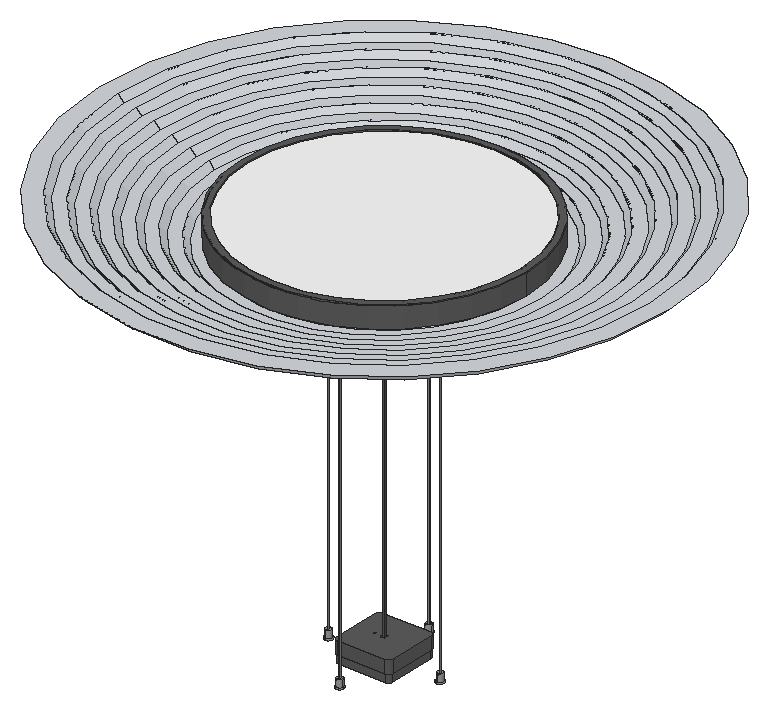
Revit family "PIRA ROUND L", category Lighting Fixtures, host Face, Revit 2021
Family settings
  Host = Face
  Round Connector Dimension = Use Diameter
  Part Type = Normal
  Cut with Voids When Loaded = No
  Light Source = No
  Shared = No
  Room Calculation Point = No
Parameters
  Wire Suspension = Aluminum
  Wattage Comments = "34W"
  PET Colour = none
  Model = "Pira Round L"  # constant formula
  Manufacturer = "Flexxica"  # constant formula
  Luminaire Colour = Flexxica Line - Black Alu
  Lamp = "LED"
  Hs = H + 54 mm  # 754 mm
  H = 700 mm
  Diffuser = Circly - Diffuser
  Default Elevation = 1219.2 mm
  Cable Colour = Flexxica Line - Cable Black
  Apparent Load = 34 VA
Reference planes
  plane 1 "Center (Front/Back)": y = 0
  plane 2: z = 0
  plane 3 "Center (Left/Right)": x = 0
  plane 4 "Shade": z = 700
  plane 5 "lum": z = 754
  plane 6: y = 117
  plane 7: y = -117
Forms (mm)
  Extrusion 1, solid, material "Flexxica Line - Cable Black" <- "Cable Colour"
    sketch origin (0, 0, 0) x (1, 0, 0) y (0, 1, 0)
      loop
        circle (0, 0) r 2
    from 0 to 754
Dimensions and locks
  "H": plane 4 "Shade" to level
  locked: plane 5 "lum" to plane 4 "Shade" at 54
  aligned and locked: plane 2 to host face
  aligned and locked: level to host face
  aligned and locked: plane 5 "lum" to Extrusion 1
Automatic sketch dimensions
  host sketch curve to host sketch curve = 2438.4 mm  (x2)
  plane 1 "Center (Front/Back)" to Extrusion 1 sketch curve = 0 mm
  Extrusion 1 sketch curve to plane 3 "Center (Left/Right)" = 0 mm
  radius of Extrusion 1 sketch curve = 2 mm
Nested families
  nested 1: "Pira_Round_L_shade" at (0, 0, 700), type "Pira_Round_L_shade"
  nested 2: "Wire Suspension" at (0, 117, 0), type "Wire Suspension"
    with WH 754 mm
  nested 3: "Wire Suspension" at (0, -117, 0), type "Wire Suspension"
    with WH 754 mm
  nested 4: "Wire Suspension" at (117, 0, 0) x (0, -1, 0) z (0, 0, 1), type "Wire Suspension"
    with WH 754 mm
  nested 5: "Wire Suspension" at (-117, 0, 0) x (0, -1, 0) z (0, 0, 1), type "Wire Suspension"
    with WH 754 mm
  nested 6: "CIRCLY 600 NT" at (0, 0, 754), type "CIRCLY 600 D BL 4000K"
  nested 7: "ST-CAN" at (0, 0, 0), type "ST-CAN"
Connectors
  electrical at (0, 0, 0), driven by "Apparent Load"
    settings: on nested 7, index 1, voltage 230 V, apparent load 0 VA, apparent load phase1 34 VA, apparent load phase2 0 VA, apparent load phase3 0 VA, power factor 1, load classification "Lighting", number of poles 1, system type 31, power factor state 1, is connector primary yes, connector utility no, sub classification motor no, connector description ""
Definition of nested family "Pira_Round_L_shade"
  Parameters (values of type "Pira_Round_L_shade")
    PET = none
    Default Elevation = 1219.2 mm
  Reference planes
    plane 1 "Center (Front/Back)": y = 0
    plane 2: z = 0
    plane 3 "Center (Left/Right)": x = 0
    plane 4 "L14": z = 156
    plane 5 "L13": z = 144
    plane 6 "L12": z = 132
    plane 7 "L2": z = 12
    plane 8 "L3": z = 24
    plane 9 "L4": z = 36
    plane 10 "L5": z = 48
    plane 11 "L6": z = 60
    plane 12 "L7": z = 72
    plane 13 "L8": z = 84
    plane 14 "L9": z = 96
    plane 15 "L10": z = 108
    plane 16 "L11": z = 120
  Forms (mm)
    Extrusion 1, solid
      sketch origin (0, 0, 0) x (1, 0, 0) y (0, 1, 0)
        loop
          line (-1219.2, 1219.2) -> (-1219.2, -1219.2) -> (1219.2, -1219.2) -> (1219.2, 1219.2) -> (-1219.2, 1219.2)
      from 0 to -304.8
    Sweep 2, solid, material <- "PET"
      path origin (0, 0, 156) x (-1, 0, 0) y (0, -1, 0)
        loop
          circle (0, 0) r 597.5
      profile "Pira_profil PET : Pira_profil PET" origin (0, 597.5, 156) x (0, -1, 0) y (0, 0, 1)
        loop
          line (12, 0) -> (50, 0) -> (38, 12) -> (0, 12) -> (12, 0)
    Sweep 3, solid, material <- "PET"
      path origin (0, 0, 144) x (-1, 0, 0) y (0, -1, 0)
        loop
          circle (0, 0) r 559.5
      profile "Pira_profil PET : Pira_profil PET" origin (0, 559.5, 144) x (0, -1, 0) y (0, 0, 1)
        loop
          line (12, 0) -> (50, 0) -> (38, 12) -> (0, 12) -> (12, 0)
    Sweep 4, solid, material <- "PET"
      path origin (0, 0, 132) x (-1, 0, 0) y (0, -1, 0)
        loop
          circle (0, 0) r 521.5
      profile "Pira_profil PET : Pira_profil PET" origin (0, 521.5, 132) x (0, -1, 0) y (0, 0, 1)
        loop
          line (12, 0) -> (50, 0) -> (38, 12) -> (0, 12) -> (12, 0)
    Sweep 5, solid, material <- "PET"
      path origin (0, 0, 120) x (-1, 0, 0) y (0, -1, 0)
        loop
          circle (0, 0) r 483.5
      profile "Pira_profil PET : Pira_profil PET" origin (0, 483.5, 120) x (0, -1, 0) y (0, 0, 1)
        loop
          line (12, 0) -> (50, 0) -> (38, 12) -> (0, 12) -> (12, 0)
    Sweep 6, solid, material <- "PET"
      path origin (0, 0, 108) x (-1, 0, 0) y (0, -1, 0)
        loop
          circle (0, 0) r 445.5
      profile "Pira_profil PET : Pira_profil PET" origin (0, 445.5, 108) x (0, -1, 0) y (0, 0, 1)
        loop
          line (12, 0) -> (50, 0) -> (38, 12) -> (0, 12) -> (12, 0)
    Sweep 7, solid, material <- "PET"
      path origin (0, 0, 96) x (-1, 0, 0) y (0, -1, 0)
        loop
          circle (0, 0) r 407.5
      profile "Pira_profil PET : Pira_profil PET" origin (0, 407.5, 96) x (0, -1, 0) y (0, 0, 1)
        loop
          line (12, 0) -> (50, 0) -> (38, 12) -> (0, 12) -> (12, 0)
    Sweep 8, solid, material <- "PET"
      path origin (0, 0, 84) x (-1, 0, 0) y (0, -1, 0)
        loop
          circle (0, 0) r 369.5
      profile "Pira_profil PET : Pira_profil PET" origin (0, 369.5, 84) x (0, -1, 0) y (0, 0, 1)
        loop
          line (12, 0) -> (50, 0) -> (38, 12) -> (0, 12) -> (12, 0)
    Sweep 9, solid, material <- "PET"
      path origin (0, 0, 72) x (-1, 0, 0) y (0, -1, 0)
        loop
          circle (0, 0) r 331.5
      profile "Pira_profil PET : Pira_profil PET" origin (0, 331.5, 72) x (0, -1, 0) y (0, 0, 1)
        loop
          line (12, 0) -> (50, 0) -> (38, 12) -> (0, 12) -> (12, 0)
    Sweep 10, solid, material <- "PET"
      path origin (0, 0, 60) x (-1, 0, 0) y (0, -1, 0)
        loop
          circle (0, 0) r 293.5
      profile "Pira_profil PET : Pira_profil PET" origin (0, 293.5, 60) x (0, -1, 0) y (0, 0, 1)
        loop
          line (12, 0) -> (50, 0) -> (38, 12) -> (0, 12) -> (12, 0)
    Sweep 11, solid, material <- "PET"
      path origin (0, 0, 48) x (-1, 0, 0) y (0, -1, 0)
        loop
          circle (0, 0) r 255.5
      profile "Pira_profil PET : Pira_profil PET" origin (0, 255.5, 48) x (0, -1, 0) y (0, 0, 1)
        loop
          line (12, 0) -> (50, 0) -> (38, 12) -> (0, 12) -> (12, 0)
    Sweep 12, solid, material <- "PET"
      path origin (0, 0, 36) x (-1, 0, 0) y (0, -1, 0)
        loop
          circle (0, 0) r 217.5
      profile "Pira_profil PET : Pira_profil PET" origin (0, 217.5, 36) x (0, -1, 0) y (0, 0, 1)
        loop
          line (12, 0) -> (50, 0) -> (38, 12) -> (0, 12) -> (12, 0)
    Sweep 13, solid, material <- "PET"
      path origin (0, 0, 24) x (-1, 0, 0) y (0, -1, 0)
        loop
          circle (0, 0) r 179.5
      profile "Pira_profil PET : Pira_profil PET" origin (0, 179.5, 24) x (0, -1, 0) y (0, 0, 1)
        loop
          line (12, 0) -> (50, 0) -> (38, 12) -> (0, 12) -> (12, 0)
    Sweep 14, solid, material <- "PET"
      path origin (0, 0, 12) x (-1, 0, 0) y (0, -1, 0)
        loop
          circle (0, 0) r 141.5
      profile "Pira_profil PET : Pira_profil PET" origin (0, 141.5, 12) x (0, -1, 0) y (0, 0, 1)
        loop
          line (12, 0) -> (50, 0) -> (38, 12) -> (0, 12) -> (12, 0)
    Revolve 15, solid, material <- "PET"
      sketch origin (0, 0, 0) x (1, 0, 0) y (0, 0, 1)
        loop
          line (-103.5, 12) -> (-91.5, 0) -> (0, 0) -> (0, 12) -> (-103.5, 12)
        axis (0, 0) -> (0, 12)
      angle from 0 to 360
    Extrusion 16, void
      sketch origin (0, 0, 0) x (1, 0, 0) y (0, 1, 0)
        loop
          circle (0, 0) r 5
      from 0 to 250
  Cuts and joins
    Extrusion 16 cuts Revolve 15
  Dimensions and locks
    plane 4 "L14" to plane 5 "L13" to plane 6 "L12" = 12 mm locked, 12 mm locked
    plane 6 "L12" to plane 16 "L11" to plane 15 "L10" to plane 14 "L9" to plane 13 "L8" to plane 12 "L7" to plane 11 "L6" to plane 10 "L5" to plane 9 "L4" to plane 8 "L3" to plane 7 "L2" to Extrusion 1 = 12 mm locked, 12 mm locked, 12 mm locked, 12 mm locked, 12 mm locked, 12 mm locked, 12 mm locked, 12 mm locked, 12 mm locked, 12 mm locked, 12 mm
    aligned and locked: plane 2 to Extrusion 1
    aligned and locked: level to Extrusion 1
Definition of nested family "Wire Suspension"
  Parameters (values of type "Wire Suspension")
    WH = 600 mm
    Wire Suspension = none
    Default Elevation = 1219.2 mm
  Reference planes
    plane 1 "Center (Front/Back)": y = 0
    plane 2: z = 0
    plane 3 "Center (Left/Right)": x = 0
    plane 4: z = 17
    plane 5: z = 570
    plane 6: z = 600
    plane 7: z = 564
  Forms (mm)
    Extrusion 1, solid
      sketch origin (0, 0, 0) x (1, 0, 0) y (0, 1, 0)
        loop
          line (-1219.2, 1219.2) -> (-1219.2, -1219.2) -> (1219.2, -1219.2) -> (1219.2, 1219.2) -> (-1219.2, 1219.2)
      from 0 to -304.8
    Extrusion 2, solid, material <- "Wire Suspension"
      sketch origin (0, 0, 0) x (1, 0, 0) y (0, 1, 0)
        loop
          circle (0, 0) r 8
      from 0 to 2
    Extrusion 3, solid, material <- "Wire Suspension"
      sketch origin (0, 0, 0) x (1, 0, 0) y (0, 1, 0)
        loop
          circle (0, 0) r 6
      from 2 to 17
    Extrusion 4, solid, material <- "Wire Suspension"
      sketch origin (0, 0, 0) x (1, 0, 0) y (0, 1, 0)
        loop
          circle (0, 0) r 4.5
      from 570 to 600
    Extrusion 5, solid, material <- "Wire Suspension"
      sketch origin (0, 0, 0) x (1, 0, 0) y (0, 1, 0)
        loop
          circle (0, 0) r 2
      from 564 to 570
    Extrusion 6, solid, material <- "Wire Suspension"
      sketch origin (0, 0, 0) x (1, 0, 0) y (0, 1, 0)
        loop
          circle (0, 0) r 0.976
      from 17 to 564
  Dimensions and locks
    locked: plane 5 to plane 7 at 6
    locked: plane 6 to plane 5 at 30
    locked: plane 4 to level at 17
    "WH": plane 6 to level
    aligned and locked: plane 2 to Extrusion 1
    aligned and locked: level to Extrusion 1
    aligned and locked: Extrusion 4 to plane 6
    aligned and locked: plane 5 to Extrusion 4
    aligned and locked: plane 7 to Extrusion 5
    aligned and locked: Extrusion 5 to Extrusion 4
    aligned and locked: Extrusion 6 to Extrusion 5
    aligned and locked: Extrusion 6 to Extrusion 3
  Automatic sketch dimensions
    Extrusion 1 sketch curve to Extrusion 1 sketch curve = 2438.4 mm  (x2)
    plane 1 "Center (Front/Back)" to Extrusion 2 sketch curve = 0 mm
    Extrusion 2 sketch curve to plane 3 "Center (Left/Right)" = 0 mm
    plane 1 "Center (Front/Back)" to Extrusion 3 sketch curve = 0 mm
    Extrusion 3 sketch curve to plane 3 "Center (Left/Right)" = 0 mm
    plane 1 "Center (Front/Back)" to Extrusion 4 sketch curve = 0 mm
    Extrusion 4 sketch curve to plane 3 "Center (Left/Right)" = 0 mm
    plane 1 "Center (Front/Back)" to Extrusion 5 sketch curve = 0 mm
    Extrusion 5 sketch curve to plane 3 "Center (Left/Right)" = 0 mm
    plane 1 "Center (Front/Back)" to Extrusion 6 sketch curve = 0 mm
    Extrusion 6 sketch curve to plane 3 "Center (Left/Right)" = 0 mm
    radius of Extrusion 2 sketch curve = 8 mm
    radius of Extrusion 3 sketch curve = 6 mm
    radius of Extrusion 4 sketch curve = 4.5 mm
    radius of Extrusion 5 sketch curve = 2 mm
    radius of Extrusion 6 sketch curve = 0.976 mm
Definition of nested family "CIRCLY 600 NT"
  Parameters (values of type "CIRCLY 600 D BL 4000K")
    Wattage Comments = "48W"
    Wattage = 23.5624 W
    built-in parameter 1150110 = 1 (stored number, unit not read)
    URL = "flexxica.com"
    built-in parameter 1114217 = 1 (stored number, unit not read)
    Tilt Angle = -90.00°
    built-in parameter 1150109 = 1 (stored number, unit not read)
    built-in parameter 1150134 = 12
    built-in parameter 1150113 = 1 (stored number, unit not read)
    Photometric Web File = "PL CIRCLY D 600 34W.ies"
    Model = "CIRCLY 600"  # constant formula
    Manufacturer = "FLEXXICA"  # constant formula
    built-in parameter 1150105 = 1565.7 (stored number, unit not read)
    Lumens = 3500 lm
    built-in parameter 1150115 = 1 (stored number, unit not read)
    Luminaire Colour = none
    built-in parameter 1150137 = (empty or 0)
    built-in parameter 1150139 = (empty or 0)
    built-in parameter 1150112 = 1 (stored number, unit not read)
    built-in parameter 1150114 = 1 (stored number, unit not read)
    Lamp = "LED"
    built-in parameter 1150132 = 2
    built-in parameter 1150102 = (empty or 0)
    built-in parameter 1150107 = 4000 (stored number, unit not read)
    built-in parameter 1150138 = (empty or 0)
    built-in parameter 1150106 = 15.657 (stored number, unit not read)
    INDIRECT = CIRCLY 600 INDIRECT : CIRCLY 600 INDIRECT 4000K
    Emit from Circle Diameter = 573 mm
    Emit Shape Visible in Rendering = no
    built-in parameter 1150104 = 13.8 (stored number, unit not read)
    Dimming Lamp Color Temperature Shift = (empty or 0)
    Default Elevation = 1219.2 mm
    Color Filter = 16777215
    Circly - diffusor = none
    built-in parameter 1114218 = 1 (stored number, unit not read)
    built-in parameter 1150133 = 10 (stored number, unit not read)
    Apparent Load = 48 VA
  Types (2): name
    CIRCLY 600 D BL 4000K
    CIRCLY 600 D WH 4000K
  Reference planes
    plane 1 "Center (Front/Back)": y = 0
    plane 2: z = 0
    plane 3 "Center (Left/Right)": x = 0
    plane 4: x = -300
    plane 5: x = 300
    plane 6: z = 37
    plane 7 "bot": z = 82
    plane 8: x = -137
    plane 9: x = 137
    plane 10: y = 17
    plane 11: y = -17
    plane 12: x = -17
    plane 13: x = 17
    plane 14: x = -165
    plane 15: y = 165
    plane 16: x = 165
    plane 17: y = -165
    plane 18: x = -186
    plane 19: x = -222.5
    plane 20: x = -241.5
    plane 21: x = -279
  Forms (mm)
    Extrusion 1, solid
      sketch origin (0, 0, 0) x (1, 0, 0) y (0, 1, 0)
        loop
          line (-1219.2, 1219.2) -> (-1219.2, -1219.2) -> (1219.2, -1219.2) -> (1219.2, 1219.2) -> (-1219.2, 1219.2)
      from 0 to -304.8
    Extrusion 2, solid, material <- "Luminaire Colour"
      sketch origin (0, 0, 82) x (-1, 0, 0) y (0, -1, 0)
        loop
          circle (0, 0) r 300
        loop
          circle (0, 0) r 286.5
      from 0 to -2
    Extrusion 3, solid, material <- "Luminaire Colour"
      sketch origin (0, 0, 82) x (-1, 0, 0) y (0, -1, 0)
        loop
          circle (0, 0) r 300
        loop
          circle (0, 0) r 298
      from -45 to -2
    Extrusion 4, solid, material <- "Circly - diffusor"
      sketch origin (0, 0, 82) x (-1, 0, 0) y (0, -1, 0)
        loop
          circle (0, 0) r 286.5
      from -3.5 to -1.5
    Extrusion 5, solid, material <- "Luminaire Colour"
      sketch origin (-442.193, -4572, 37) x (-1, 0, 0) y (0, -1, 0)
        loop
          circle (-442.193, -4572) r 298
      from 3 to 33
    Extrusion 6, solid, material <- "Luminaire Colour"
      sketch origin (0, 0, 0) x (1, 0, 0) y (0, 1, 0)
        loop
          circle (0, 0) r 137
        loop
          circle (0, 0) r 135
      from 0 to 40
    Extrusion 7, solid, material <- "Luminaire Colour"
      sketch origin (0, 0, 0) x (1, 0, 0) y (0, 1, 0)
        loop
          circle (0, 0) r 135
        loop
          line (2.3, 117.024) -> (2.3, 122.976)
          arc (2.3, 122.976) -> (0, 125.276) -> (-2.3, 122.976) r 2.3
          line (-2.3, 122.976) -> (-2.3, 117.024)
          arc (-2.3, 117.024) -> (0, 114.724) -> (2.3, 117.024) r 2.3
        loop
          line (117.024, -2.3) -> (122.976, -2.3)
          arc (122.976, -2.3) -> (125.276, 0) -> (122.976, 2.3) r 2.3
          line (122.976, 2.3) -> (117.024, 2.3)
          arc (117.024, 2.3) -> (114.724, 0) -> (117.024, -2.3) r 2.3
        loop
          arc (2.3, -117.024) -> (0, -114.724) -> (-2.3, -117.024) r 2.3
          line (-2.3, -117.024) -> (-2.3, -122.976)
          arc (-2.3, -122.976) -> (0, -125.276) -> (2.3, -122.976) r 2.3
          line (2.3, -122.976) -> (2.3, -117.024)
        loop
          arc (-117.024, -2.3) -> (-114.724, 0) -> (-117.024, 2.3) r 2.3
          line (-117.024, 2.3) -> (-122.976, 2.3)
          arc (-122.976, 2.3) -> (-125.276, 0) -> (-122.976, -2.3) r 2.3
          line (-122.976, -2.3) -> (-117.024, -2.3)
        loop
          circle (0, 0) r 4
      from 1.5 to 3.5
    Extrusion 8, void
      sketch origin (-442.193, -4572, 37) x (0, -1, 0) y (-1, 0, 0)
        loop
          arc (-4735.433, -419.506) -> (-4734.251, -423.477) -> (-4730.48, -425.193) r 5
          line (-4730.48, -425.193) -> (-4712.285, -425.193)
          arc (-4712.285, -425.193) -> (-4709.035, -423.993) -> (-4707.346, -420.968) r 5
          arc (-4707.346, -420.968) -> (-4668.874, -345.319) -> (-4593.225, -306.847) r 137
          arc (-4593.225, -306.847) -> (-4590.2, -305.158) -> (-4589, -301.908) r 5
          line (-4589, -301.908) -> (-4589, -283.713)
          arc (-4589, -283.713) -> (-4590.717, -279.942) -> (-4594.687, -278.76) r 5
          arc (-4594.687, -278.76) -> (-4688.673, -325.52) -> (-4735.433, -419.506) r 165
        loop
          arc (-4550.775, -306.847) -> (-4475.126, -345.319) -> (-4436.654, -420.968) r 137
          arc (-4436.654, -420.968) -> (-4434.965, -423.993) -> (-4431.715, -425.193) r 5
          line (-4431.715, -425.193) -> (-4413.52, -425.193)
          arc (-4413.52, -425.193) -> (-4409.749, -423.477) -> (-4408.567, -419.506) r 5
          arc (-4408.567, -419.506) -> (-4455.327, -325.52) -> (-4549.312, -278.76) r 165
          arc (-4549.312, -278.76) -> (-4553.283, -279.942) -> (-4555, -283.713) r 5
          line (-4555, -283.713) -> (-4555, -301.908)
          arc (-4555, -301.908) -> (-4553.8, -305.158) -> (-4550.775, -306.847) r 5
        loop
          line (-4712.285, -459.193) -> (-4730.48, -459.193)
          arc (-4730.48, -459.193) -> (-4734.251, -460.91) -> (-4735.433, -464.881) r 5
          arc (-4735.433, -464.881) -> (-4688.673, -558.866) -> (-4594.687, -605.626) r 165
          arc (-4594.687, -605.626) -> (-4590.717, -604.444) -> (-4589, -600.673) r 5
          line (-4589, -600.673) -> (-4589, -582.479)
          arc (-4589, -582.479) -> (-4590.2, -579.228) -> (-4593.225, -577.539) r 5
          arc (-4593.225, -577.539) -> (-4668.874, -539.067) -> (-4707.346, -463.418) r 137
          arc (-4707.346, -463.418) -> (-4709.035, -460.394) -> (-4712.285, -459.193) r 5
        loop
          line (-4555, -582.479) -> (-4555, -600.673)
          arc (-4555, -600.673) -> (-4553.283, -604.444) -> (-4549.312, -605.626) r 5
          arc (-4549.312, -605.626) -> (-4455.327, -558.866) -> (-4408.567, -464.881) r 165
          arc (-4408.567, -464.881) -> (-4409.749, -460.91) -> (-4413.52, -459.193) r 5
          line (-4413.52, -459.193) -> (-4431.715, -459.193)
          arc (-4431.715, -459.193) -> (-4434.965, -460.394) -> (-4436.654, -463.418) r 5
          arc (-4436.654, -463.418) -> (-4475.126, -539.067) -> (-4550.775, -577.539) r 137
          arc (-4550.775, -577.539) -> (-4553.8, -579.228) -> (-4555, -582.479) r 5
        loop
          arc (-4756.762, -463.617) -> (-4758.403, -460.46) -> (-4761.729, -459.193) r 5
          line (-4761.729, -459.193) -> (-4788.384, -459.193)
          arc (-4788.384, -459.193) -> (-4792.095, -460.841) -> (-4793.359, -464.699) r 5
          arc (-4793.359, -464.699) -> (-4729.331, -599.524) -> (-4594.506, -663.552) r 222.5
          arc (-4594.506, -663.552) -> (-4590.648, -662.288) -> (-4589, -658.578) r 5
          line (-4589, -658.578) -> (-4589, -631.922)
          arc (-4589, -631.922) -> (-4590.266, -628.596) -> (-4593.424, -626.955) r 5
          arc (-4593.424, -626.955) -> (-4703.522, -573.715) -> (-4756.762, -463.617) r 186
        loop
          arc (-4812.536, -463.747) -> (-4814.142, -460.503) -> (-4817.516, -459.193) r 5
          line (-4817.516, -459.193) -> (-4845.115, -459.193)
          arc (-4845.115, -459.193) -> (-4848.79, -460.802) -> (-4850.099, -464.595) r 5
          arc (-4850.099, -464.595) -> (-4769.283, -639.476) -> (-4594.401, -720.292) r 279
          arc (-4594.401, -720.292) -> (-4590.609, -718.983) -> (-4589, -715.308) r 5
          line (-4589, -715.308) -> (-4589, -687.709)
          arc (-4589, -687.709) -> (-4590.31, -684.335) -> (-4593.554, -682.729) r 5
          arc (-4593.554, -682.729) -> (-4742.766, -612.959) -> (-4812.536, -463.747) r 241.5
        loop
          line (-4589, -252.464) -> (-4589, -225.809)
          arc (-4589, -225.809) -> (-4590.648, -222.099) -> (-4594.506, -220.834) r 5
          arc (-4594.506, -220.834) -> (-4729.331, -284.862) -> (-4793.359, -419.687) r 222.5
          arc (-4793.359, -419.687) -> (-4792.095, -423.545) -> (-4788.384, -425.193) r 5
          line (-4788.384, -425.193) -> (-4761.729, -425.193)
          arc (-4761.729, -425.193) -> (-4758.403, -423.927) -> (-4756.762, -420.769) r 5
          arc (-4756.762, -420.769) -> (-4703.522, -310.671) -> (-4593.424, -257.431) r 186
          arc (-4593.424, -257.431) -> (-4590.266, -255.79) -> (-4589, -252.464) r 5
        loop
          line (-4589, -196.677) -> (-4589, -169.078)
          arc (-4589, -169.078) -> (-4590.609, -165.403) -> (-4594.401, -164.094) r 5
          arc (-4594.401, -164.094) -> (-4769.283, -244.91) -> (-4850.099, -419.792) r 279
          arc (-4850.099, -419.792) -> (-4848.79, -423.584) -> (-4845.115, -425.193) r 5
          line (-4845.115, -425.193) -> (-4817.516, -425.193)
          arc (-4817.516, -425.193) -> (-4814.142, -423.883) -> (-4812.536, -420.639) r 5
          arc (-4812.536, -420.639) -> (-4742.766, -271.427) -> (-4593.554, -201.657) r 241.5
          arc (-4593.554, -201.657) -> (-4590.31, -200.051) -> (-4589, -196.677) r 5
        loop
          arc (-4555, -196.677) -> (-4553.69, -200.051) -> (-4550.446, -201.657) r 5
          arc (-4550.446, -201.657) -> (-4401.234, -271.427) -> (-4331.464, -420.639) r 241.5
          arc (-4331.464, -420.639) -> (-4329.858, -423.883) -> (-4326.484, -425.193) r 5
          line (-4326.484, -425.193) -> (-4298.885, -425.193)
          arc (-4298.885, -425.193) -> (-4295.21, -423.584) -> (-4293.901, -419.792) r 5
          arc (-4293.901, -419.792) -> (-4374.717, -244.91) -> (-4549.599, -164.094) r 279
          arc (-4549.599, -164.094) -> (-4553.391, -165.403) -> (-4555, -169.078) r 5
          line (-4555, -169.078) -> (-4555, -196.677)
        loop
          arc (-4555, -252.464) -> (-4553.734, -255.79) -> (-4550.576, -257.431) r 5
          arc (-4550.576, -257.431) -> (-4440.478, -310.671) -> (-4387.238, -420.769) r 186
          arc (-4387.238, -420.769) -> (-4385.597, -423.927) -> (-4382.271, -425.193) r 5
          line (-4382.271, -425.193) -> (-4355.616, -425.193)
          arc (-4355.616, -425.193) -> (-4351.905, -423.545) -> (-4350.641, -419.687) r 5
          arc (-4350.641, -419.687) -> (-4414.669, -284.862) -> (-4549.494, -220.834) r 222.5
          arc (-4549.494, -220.834) -> (-4553.352, -222.099) -> (-4555, -225.809) r 5
          line (-4555, -225.809) -> (-4555, -252.464)
        loop
          arc (-4382.271, -459.193) -> (-4385.597, -460.46) -> (-4387.238, -463.617) r 5
          arc (-4387.238, -463.617) -> (-4440.478, -573.715) -> (-4550.576, -626.955) r 186
          arc (-4550.576, -626.955) -> (-4553.734, -628.596) -> (-4555, -631.922) r 5
          line (-4555, -631.922) -> (-4555, -658.578)
          arc (-4555, -658.578) -> (-4553.352, -662.288) -> (-4549.494, -663.552) r 5
          arc (-4549.494, -663.552) -> (-4414.669, -599.524) -> (-4350.641, -464.699) r 222.5
          arc (-4350.641, -464.699) -> (-4351.905, -460.841) -> (-4355.616, -459.193) r 5
          line (-4355.616, -459.193) -> (-4382.271, -459.193)
        loop
          arc (-4326.484, -459.193) -> (-4329.858, -460.503) -> (-4331.464, -463.747) r 5
          arc (-4331.464, -463.747) -> (-4401.234, -612.959) -> (-4550.446, -682.729) r 241.5
          arc (-4550.446, -682.729) -> (-4553.69, -684.335) -> (-4555, -687.709) r 5
          line (-4555, -687.709) -> (-4555, -715.308)
          arc (-4555, -715.308) -> (-4553.391, -718.983) -> (-4549.599, -720.292) r 5
          arc (-4549.599, -720.292) -> (-4374.717, -639.476) -> (-4293.901, -464.595) r 279
          arc (-4293.901, -464.595) -> (-4295.21, -460.802) -> (-4298.885, -459.193) r 5
          line (-4298.885, -459.193) -> (-4326.484, -459.193)
      from -6 to -3
  Cuts and joins
    Extrusion 8 cuts Extrusion 5
    joined: Extrusion 2, Extrusion 3, Extrusion 5, Extrusion 6, Extrusion 7
  Dimensions and locks
    plane 7 "bot" to plane 6 to Extrusion 1 = 45 mm locked, 37 mm locked
    aligned and locked: plane 2 to Extrusion 1
    aligned and locked: level to Extrusion 1
    aligned and locked: Extrusion 3 to plane 6
    aligned and locked: Extrusion 3 to Extrusion 2
    aligned and locked: imposter light to Extrusion 4
Definition of nested family "ST-CAN"
  Parameters (values of type "ST-CAN")
    Element colour = none
    Default Elevation = 1219.2 mm
  Reference planes
    plane 1 "Center (Front/Back)": y = 0
    plane 2: z = 0
    plane 3 "Center (Left/Right)": x = 0
    plane 4: x = -57.25
    plane 5: x = 57.25
    plane 6: y = 57.25
    plane 7: y = -57.25
    plane 8: x = -59.35
    plane 9: x = 59.35
    plane 10: y = 59.35
    plane 11: y = -59.35
    plane 12: z = 17.7
    plane 13: z = 43.7
    plane 14: x = -25
  Forms (mm)
    Extrusion 1, solid
      sketch origin (0, 0, 0) x (1, 0, 0) y (0, 1, 0)
        loop
          line (-1219.2, 1219.2) -> (-1219.2, -1219.2) -> (1219.2, -1219.2) -> (1219.2, 1219.2) -> (-1219.2, 1219.2)
      from 0 to -304.8
    Extrusion 2, solid, material <- "Element colour"
      sketch origin (0, 0, 0) x (1, 0, 0) y (0, 1, 0)
        loop
          arc (-49.25, 57.25) -> (-54.907, 54.907) -> (-57.25, 49.25) r 8
          line (-57.25, 49.25) -> (-57.25, -49.25)
          arc (-57.25, -49.25) -> (-54.907, -54.907) -> (-49.25, -57.25) r 8
          line (-49.25, -57.25) -> (49.25, -57.25)
          arc (49.25, -57.25) -> (54.907, -54.907) -> (57.25, -49.25) r 8
          line (57.25, -49.25) -> (57.25, 49.25)
          arc (57.25, 49.25) -> (54.907, 54.907) -> (49.25, 57.25) r 8
          line (49.25, 57.25) -> (-49.25, 57.25)
      from 0 to 17.7
    Extrusion 3, solid, material <- "Element colour"
      sketch origin (0, 0, 0) x (1, 0, 0) y (0, 1, 0)
        loop
          arc (-49.35, 59.35) -> (-56.421, 56.421) -> (-59.35, 49.35) r 10
          line (-59.35, 49.35) -> (-59.35, -49.35)
          arc (-59.35, -49.35) -> (-56.421, -56.421) -> (-49.35, -59.35) r 10
          line (-49.35, -59.35) -> (49.35, -59.35)
          arc (49.35, -59.35) -> (56.421, -56.421) -> (59.35, -49.35) r 10
          line (59.35, -49.35) -> (59.35, 49.35)
          arc (59.35, 49.35) -> (56.421, 56.421) -> (49.35, 59.35) r 10
          line (49.35, 59.35) -> (-49.35, 59.35)
        loop
          circle (0, 0) r 5.3
        loop
          circle (-20, 0) r 1.2
      from 17.7 to 43.7
  Dimensions and locks
    plane 4 to plane 3 "Center (Left/Right)" to plane 5 = 57.25 mm locked, 57.25 mm locked
    plane 7 to plane 1 "Center (Front/Back)" to plane 6 = 57.25 mm locked, 57.25 mm locked
    plane 8 to plane 3 "Center (Left/Right)" to plane 9 = 59.35 mm locked, 59.35 mm locked
    plane 10 to plane 1 "Center (Front/Back)" to plane 11 = 59.35 mm locked, 59.35 mm locked
    aligned and locked: plane 2 to Extrusion 1
    aligned and locked: level to Extrusion 1
    aligned and locked: plane 4 to Extrusion 2 sketch curve
    aligned and locked: plane 5 to Extrusion 2 sketch curve
    aligned and locked: Extrusion 3 sketch curve to plane 10
    aligned and locked: plane 8 to Extrusion 3 sketch curve
    aligned and locked: Extrusion 3 sketch curve to plane 11
    aligned and locked: plane 9 to Extrusion 3 sketch curve
    aligned and locked: Extrusion 3 to plane 12
    aligned and locked: plane 13 to Extrusion 3
